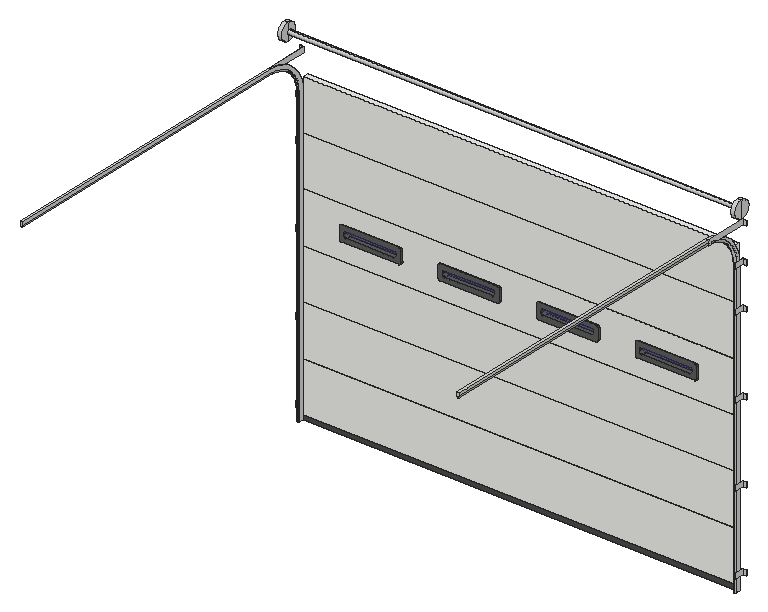
Revit family "Overhead-Sect_HAAS_Com_2000", category Doors, host Wall, Revit 2026
Family settings
  Host = Wall
  Classification Number = 23.30.10.17.37.14
  Always vertical = Yes
  Cut with Voids When Loaded = No
  Shared = No
  Room Calculation Point = No
Parameters
  rearspring = no
  Warranty Duration (Years) = 0
  Viewport Frame Finish [instance] = Finish - Trim - HAAS - Black
  Unit Width [instance] = if(Wood Jamb, Opening Width, Opening Width + 0' 2")  # 14' - 0"
  Wood Jamb [instance] = yes
  URL = "http://www.haasdoor.com/about/index.html"
  U Value = 0
  Type Comments = ""
  Track_High Lift_CHECK WITH HAAS FOR VALUE [instance] = 0' - 7"
  Track [instance] = Steel
  Thickness = 0' - 0"  # constant formula
  Test Data = ""
  Steel Jamb [instance] = not(Wood Jamb)  # no
  Standards Conformance = "as Specified"
  Specification = ""
  SpecWizard = ""
  Send Message = ""
  Sales Information = "http://www.haasdoor.com/locator/index.php"
  Rough Width = 0' - 0"  # constant formula
  Rough Height = 0' - 0"  # constant formula
  Roof Incline Default = 0.00°
  Revision = "R1_2015-11"
  Recycled Content [instance] = "as Specified"
  R-Value = 13.45
  Product Properties = ""
  Product Data = "http://www.arcat.com/arcatcos/cos32/arc32915.html"
  Panel Width [instance] = 14' - 0"
  Panel Thickness = 0' - 2"
  Panel Material_Interior [instance] = Metal - Steel - HAAS - Polar White V-Groove
  Panel Material_Inset Panel [instance] = Metal - Steel - HAAS - Polar White
  Panel Material_Exterior [instance] = Metal - Steel - HAAS - Polar White
  Panel Height [instance] = if(1 = 1, Opening Height, 0' 0")  # 10' - 0"
  Overhead Sectional Style [instance] = Door_Overhead-Sectional-Panel_Haas_No-Inset-Panels : Design B
  Operation = "Overhead Sectional"
  Opening Width [instance] = 14' - 0"
  Opening Height [instance] = 10' - 0"
  Track Type [instance] = Tracks_Standard-Lift : Tracks_Standard-Lift
  Model = ""
  Max Width = 0' - 0"
  Max Height = 0' - 0"
  Manufacturer Website = "http://www.haasdoor.com/about/index.html"
  Manufacturer Phone - Toll Free = ""
  Manufacturer Phone = "419-337-9900"
  Manufacturer Fax = "800-874-4227"
  Manufacturer Address = "320 Sycamore Rd. Wauseon, OH 43567"
  Manufacturer = "Haas Door Co."
  Maintenance Schedule (Months) = 0
  Keynote = "08360"
  Interior Skin = "as Specified"
  Installation-Fabrication = ""
  Installation Phase = ""
  Green Building-LEED = ""
  Viewport Glazing [instance] = Glass
  Function = 1
  Height = 0' - 0"  # constant formula
  Wall Closure = (empty or 0)
  Width = 0' - 0"  # constant formula
  Fire Rating = ""
  Exterior Skin = "as Specified"
  Expected Lifespan (Years) = 0
  End Stile Type = "as Specified"
  Drawn By = "Sumex Design, Inc."
  Description = "Haas Commercial Overhead Sectional Door - 2000 Series"
  Cost = 0
  Copyright = "©Arcat Inc."  # constant formula
  Construction Type = ""
  Construction Details = ""
  Building Codes = ""
  Bottom Seal Color [instance] = Finish - Weather Seal - HAAS - Black
  Assembly Code = "B2030410"
  AAMA Designation = "as Specified"
  3in Track [instance] = not([2in Track])  # no
  2in Track [instance] = yes
Reference planes (in)
  plane 1 "Center (Front/Back)": y = 0
  plane 2 "Center (Left/Right)": x = 0
  plane 3 "Left": x = -84
  plane 4 "Right": x = 84
  plane 5 "Top": z = 120
  plane 6 "Exterior": y = 3
  plane 7 "Interior": y = -3
  plane 8: z = 2
  plane 9 "Back of Panel": y = -5
  plane 10: y = -4
  plane 11 "Track": y = -4.625
Lines and regions (in)
  Opening 1
    outline origin (-90, -3, 0) x (1, 0, 0) y (0, 0, 1)
      loop
        line (6, 0) -> (174, 0) -> (174, 120) -> (6, 120) -> (6, 0)
Text (in)
  text "Exterior" at (-74.96733, 27.31104, 0), in view "Ref. Level"
  text "Interior" at (-74.96733, -25.14366, 0), in view "Ref. Level"
  text "Exterior" at (0, 40.15149, 123.01588), in view "Right"
  text "Interior" at (0, -64.39139, 123.01588), in view "Right"
  text "Interior" at (0, -31.01599, 123.00693), in view "Left"
  text "Exterior" at (0, 54.57065, 123.00693), in view "Left"
Dimensions and locks (in)
  equal spacing: plane 3 "Left", plane 2 "Center (Left/Right)", plane 4 "Right"
  "Opening Height": level to plane 5 "Top"
  "Opening Width": plane 3 "Left" to plane 4 "Right"
  plane 8 to level = 0' - 2"
  plane 3 "Left" to plane 4 "Right" = 14' - 0"
  "Panel Thickness": plane 9 "Back of Panel" to plane 7 "Interior"
  equal spacing: plane 9 "Back of Panel", plane 10, plane 7 "Interior"
  locked: plane 11 "Track" to plane 7 "Interior" at 1.625
  aligned and locked: plane 3 "Left" to Opening 1 sketch curve
  aligned and locked: plane 5 "Top" to Opening 1 sketch curve
  aligned and locked: Opening 1 sketch curve to plane 5 "Top"
  aligned and locked: Opening 1 sketch curve to plane 4 "Right"
  aligned and locked: Opening 1 sketch curve to level
  aligned and locked: plane 6 "Exterior" to host wall
  aligned and locked: plane 7 "Interior" to host wall
  aligned and locked: nested 1 to plane 2 "Center (Left/Right)"
  aligned and locked: level to nested 1
  aligned and locked: nested 1 to plane 11 "Track"
  aligned and locked: nested 2 to plane 2 "Center (Left/Right)"
  aligned and locked: plane 10 to nested 2
Nested families (in)
  nested 1: "Tracks_Standard-Lift" at (0, -5.625, 0), Unit Width <- "Unit Width", Opening Height <- "Opening Height", Track <- "Track", Wood Jamb <- "Wood Jamb", 2in Track <- "2in Track", type <- "Track Type", High Lift Height <- "Track_High Lift_CHECK WITH HAAS FOR VALUE", Door Height <- "Panel Height", Rear Mount Spring <- "rearspring", Roof Incline <- "Roof Incline Default", type "Tracks_Standard-Lift"
    with trackradinsetv 0' - 0", trackradinseth 0' - 0", sideroomint 0' - 1 5/8", roofpitchheight 0' - 0", offsettrackradv 1' - 2.73821", offsettrackradh 1' - 2.99772", offset 0' - 0", highliftcalc 0' - 8", breakoutrun 1, breakoutrise 12, breakawaylength 0' - 0", breakaway angle 1.00°, Wood Jamb yes, Unit Width 14' - 0", Unit Depth 0' - 2", Track Radius 1' - 3", Track Offset from Door Edge 0' - 0 1/2", Track Steel, Steel Jamb no, Standard Spring Location yes, Sideroom_Spring 0' - 3", Sideroom_Jambs 0' - 3", Roof Incline 0.00°, Rear Mount Spring no, Opening Width 14' - 0", Opening Height 10' - 0", High Lift Height 0' - 7", Headroom Clearance 1' - 7", Door Height 10' - 0", Breakaway Start 0' - 8", Back Depth 11' - 6", 3in Track no, 2in Track yes, 1 in 12 Breakout yes, 1 5 in 12 Breakout no
  nested 2: "Door_Overhead-Sectional-Panel_Haas_No-Inset-Panels" at (0, -4, 0) x (-1, 0, 0) z (0, 0, 1), Viewport Finish <- "Viewport Frame Finish", Panel Material_Interior <- "Panel Material_Interior", Panel Material_Inset Panel <- "Panel Material_Inset Panel", Panel Material_Exterior <- "Panel Material_Exterior", Viewport Glazing <- "Viewport Glazing", Bottom Seal Color <- "Bottom Seal Color", Panel Width <- "Panel Width", Panel Thickness <- "Panel Thickness", Panel Height <- "Panel Height", type <- "Overhead Sectional Style", type "Design B"
    with Viewport Glazing Glass, Viewport Finish Finish - Trim - HAAS - Black, Unit Width 14' - 0", Unit Height 1' - 7.66667", Panel Width 14' - 0", Panel Thickness 0' - 2", Panel Material_Interior Metal - Steel - HAAS - Polar White V-Groove, Panel Material_Inset Panel Metal - Steel - HAAS - Polar White, Panel Material_Exterior Metal - Steel - HAAS - Polar White, Panel Height 10' - 0", Panel 9 Vis no, Panel 9 Control 0' - 0", Panel 8 Vis no, Panel 8 Control 0' - 0", Panel 7 Vis no, Panel 7 Control 0' - 0", Panel 6 Vis yes, Panel 6 Control 1' - 7.66667", Panel 5 Vis yes, Panel 5 Control 1' - 7.66667", Panel 4 Vis yes, Panel 4 Control 1' - 7.66667", Panel 3 Vis yes, Panel 3 Control 1' - 7.66667", Panel 2 Vis yes, Panel 2 Control 1' - 7.66667", Panel 10 Vis no, Panel 10 Control 0' - 0", Panel 1 Vis yes, Bottom Seal Color Finish - Weather Seal - HAAS - Black
Definition of nested family "Tracks_Standard-Lift"
  Parameters
    trackradinsetv [instance] = Track Radius - (Track Radius * cos(Roof Incline))  # 0' - 0"
    trackradinseth [instance] = Track Radius * sin(Roof Incline)  # 0' - 0"
    sideroomint [instance] = if(Steel Jamb, 0' 3", 0' 1 5/8")  # 0' - 1 5/8"
    roofpitchheight [instance] = (Back Depth) * tan(Roof Incline)  # 0' - 0"
    offsettrackradv [instance] = Track Radius - (Track Radius * sin(breakaway angle))  # 1' - 2.73821"
    offsettrackradh [instance] = Track Radius * cos(breakaway angle)  # 1' - 2.99772"
    offset [instance] = 0' - 0"  # constant formula
    breakoutrun [instance] = if([1 in 12 Breakout], 1, 1.5)  # 1
    breakoutrise [instance] = 12  # constant formula
    breakawaylength [instance] = (Breakaway Start + High Lift Height - Track Radius) / tan(90.00° - breakaway angle)  # 0' - 0.26183"
    breakaway angle [instance] = 1.00°  # constant formula
    Wood Jamb [instance] = yes
    Unit Width [instance] = 8' - 0"
    Unit Depth [instance] = if([2in Track], 0' 2", if([3in Track], 0' 3", 0' 2"))  # 0' - 3"
    URL = ""
    Track Radius [instance] = 1' - 3"
    Track [instance] = none
    Steel Jamb [instance] = not(Wood Jamb)  # no
    Standard Spring Location [instance] = yes
    Specification = ""
    SpecWizard = ""
    Track Offset from Door Edge [instance] = 0' - 0 1/2"
    Sideroom_Spring [instance] = 0' - 3"  # constant formula
    Sideroom_Jambs [instance] = 0' - 3"  # constant formula
    Sales Information = ""
    Roof Incline [instance] = 0.00°
    Revision = ""
    Rear Mount Spring [instance] = yes
    Product Properties = ""
    Product Data = ""
    Opening Width [instance] = if(Wood Jamb, Unit Width, Unit Width - 0' 1")  # 8' - 0"
    Opening Height [instance] = 8' - 0"
    Model = "As Specified"
    Manufacturer = ""
    Keynote = ""
    Installation-Fabrication = ""
    highliftcalc [instance] = if(Headroom Clearance < 5' 4 3/256", Headroom Clearance - 0' 11", if(and(Headroom Clearance > 5' 4", Headroom Clearance < 11' 1 3/256"), Headroom Clearance - 1' 1", if(and(Headroom Clearance > 11' 1", Headroom Clearance < 15' 0 3/256"), Headroom Clearance - 1' 5", 1' 0")))  # 1' - 11"
    High Lift Height [instance] = 1' - 10"
    Headroom Clearance [instance] = High Lift Height + 1' 0"  # 2' - 10"
    Green Building-LEED = ""
    Drawn By = "Sumex Design, Inc. / Robert S. Weygant, CSI, CDT, SCIP"
    Door Height [instance] = 8' - 0"
    Description = ""
    Default Elevation = 0' - 0"  # constant formula
    Copyright = "©Arcat Inc."
    Construction Details = ""
    Breakaway Start [instance] = if([1 in 12 Breakout], 0' 8", if([1 5 in 12 Breakout], 1' 2", 1' 0"))  # 0' - 8"
    Back Depth [instance] = Door Height + 1' 6"  # 9' - 6"
    Assembly Code = ""
    3in Track [instance] = not([2in Track])  # yes
    2in Track [instance] = no
    1 in 12 Breakout [instance] = yes
    1 5 in 12 Breakout [instance] = not([1 in 12 Breakout])  # no
  Reference planes (in)
    plane 1 "Center (Front/Back)": y = 0
    plane 2 "Bottom": z = 0
    plane 3 "Center (Left/Right)": x = 0
    plane 4 "Front": y = -1.5
    plane 5 "Back": y = 1.5
    plane 6 "Left": x = -48
    plane 7 "Right": x = 48
    plane 8 "Top": z = 121
    plane 9: z = 96
    plane 10: x = -48
    plane 11: x = 48
    plane 12: z = 130
    plane 13: y = -110.875
    plane 14: y = -13.49772
    plane 15: z = 106.26179
    plane 16 "Origin": y = 3.125
    plane 17: z = 74
    plane 18: z = 51.33333
    plane 19: z = 28.66667
    plane 20: z = 6
    plane 21: z = 97.13089
    plane 22: x = 51
    plane 23: x = -51
    plane 24 "Drum CL": y = -1.875
    plane 25: z = 106
    plane 26: z = 118
    plane 27: y = -13.49772
    plane 28: z = 121
    plane 29: x = -49.625
    plane 30: x = 49.625
  Forms (in)
    Extrusion 1, solid, material <- "Track", visible <- "Wood Jamb"
      sketch origin (0, 0, 0) x (1, 0, 0) y (0, 1, 0)
        loop
          line (-49.5, -13.49772) -> (-49.5, 3.125) -> (-51, 3.125) -> (-51, 3) -> (-49.625, 3) -> (-49.625, -13.49772) -> (-49.5, -13.49772)
        loop
          line (49.5, -13.49772) -> (49.625, -13.49772) -> (49.625, 3) -> (51, 3) -> (51, 3.125) -> (49.5, 3.125) -> (49.5, -13.49772)
      from 0 to 121
    Extrusion 2, void
      sketch origin (0, 0, 0) x (0, 1, 0) y (0, 0, 1)
        loop
          line (-1.5, 5) -> (-1.5, 7) -> (3.125, 7) -> (3.125, 27.66667) -> (-1.5, 27.66667) -> (-1.5, 29.66667) -> (3.125, 29.66667) -> (3.125, 50.33333) -> (-1.5, 50.33333) -> (-1.5, 52.33333) -> (3.125, 52.33333) -> (3.125, 73) -> (-1.5, 73) -> (-1.5, 75) -> (3.125, 75) -> (3.125, 105.26179) -> (-1.5, 105.26179) -> (-1.5, 107.26179) -> (3.125, 107.26179) -> (3.125, 119) -> (-13.49772, 119) -> (-13.49772, 0) -> (3.125, 0) -> (3.125, 5) -> (-1.5, 5)
      from -51 to 51
    Extrusion 3, solid, material <- "Track", visible <- "Steel Jamb"
      sketch origin (0, 0, 0) x (1, 0, 0) y (0, 1, 0)
        loop
          line (-51, 3.125) -> (-51, -13.49772) -> (-50.875, -13.49772) -> (-50.875, 3) -> (-48.375, 3) -> (-48.375, 3.125) -> (-51, 3.125)
        loop
          line (51, 3.125) -> (48.375, 3.125) -> (48.375, 3) -> (50.875, 3) -> (50.875, -13.49772) -> (51, -13.49772) -> (51, 3.125)
      from 0 to 121
    Revolve 4, solid, material <- "Track"
      sketch origin (0, -1.875, 0) x (0, 0, -1) y (1, 0, 0)
        loop
          line (-130, -53) -> (-126.75, -53) -> (-126.75, 53) -> (-130, 53) -> (-130, 51.5) -> (-127.5, 51.5) -> (-127.5, -51.5) -> (-130, -51.5) -> (-130, -53)
        axis (-126.75, 53) -> (-126.75, -53)
      angle from 0 to 360
    Sweep 5, solid, material <- "Track"
      path origin (0, 0, 0) x (0, 1, 0) y (0, 0, 1)
        loop
          line (1.5, 0) -> (1.5, 106.26179)
          arc (1.5, 106.26179) -> (-2.98408, 116.69876) -> (-13.49772, 121) r 15
          line (-13.49772, 121) -> (-110.875, 121)
      profile origin (0, -62.18636, 121) x (0, 0, -1) y (1, 0, 0)
        loop
          line (2.62111, -48.5) -> (0, -48.5) -> (0, -49.5) -> (2.25, -49.5)
          arc (2.25, -49.5) -> (2.68414, -49.38263) -> (3, -49.0625) r 0.86161
          line (3, -49.0625) -> (3, -48.71875) -> (2.62111, -48.5)
    Sweep 6, solid, material <- "Track"
      path origin (0, 0, 0) x (0, 1, 0) y (0, 0, 1)
        loop
          line (1.5, 0) -> (1.5, 106.26179)
          arc (1.5, 106.26179) -> (-2.98408, 116.69876) -> (-13.49772, 121) r 15
          line (-13.49772, 121) -> (-110.875, 121)
      profile origin (0, -62.18636, 121) x (0, 0, -1) y (1, 0, 0)
        loop
          line (0, 49.5) -> (0, 48.5) -> (2.62111, 48.5) -> (3, 48.71875) -> (3, 49.0625)
          arc (3, 49.0625) -> (2.68414, 49.38263) -> (2.25, 49.5) r 0.86161
          line (2.25, 49.5) -> (0, 49.5)
  Cuts and joins
    Extrusion 2 cuts Extrusion 1
    Extrusion 2 cuts Extrusion 3
  Lines and regions (in)
    reference lines
      curve 1: arc (0, 0.25, 112.00003) -> (0, -5.28189, 118.54991) -> (0, -13.49772, 121) r 15
      curve 2: line (0, -13.49772, 121) -> (0, -110.875, 121)
  Text (in)
    text "OPENING" at (0, 24.81124, 52.10269), in view "Right"
    text "STANDARD LIFT" at (0, 24.81124, 118.55424), in view "Right"
  Dimensions and locks (in)
    equal spacing: plane 6 "Left", plane 3 "Center (Left/Right)", plane 7 "Right"
    "Unit Width": plane 6 "Left" to plane 7 "Right"
    equal spacing: plane 5 "Back", plane 1 "Center (Front/Back)", plane 4 "Front"
    "Unit Depth": plane 5 "Back" to plane 4 "Front"
    equal spacing: plane 10, plane 3 "Center (Left/Right)", plane 11
    "Opening Width": plane 10 to plane 11
    "Headroom Clearance": plane 12 to plane 9
    "Back Depth": plane 13 to plane 16 "Origin"
    "offsettrackradv": plane 8 "Top" to plane 15
    locked: plane 16 "Origin" to plane 5 "Back" at 1.625
    "Sideroom_Jambs": Extrusion 1 sketch curve to plane 10
    "Sideroom_Jambs": plane 11 to Extrusion 1 sketch curve
    locked: plane 20 to level at 6
    equal spacing: plane 17, plane 18, plane 19, plane 20
    Extrusion 2 sketch curve to plane 20 to Extrusion 2 sketch curve = 0' - 1" locked, 0' - 1" locked
    Extrusion 2 sketch curve to plane 19 to Extrusion 2 sketch curve = 0' - 1" locked, 0' - 1" locked
    Extrusion 2 sketch curve to plane 18 to Extrusion 2 sketch curve = 0' - 1" locked, 0' - 1" locked
    Extrusion 2 sketch curve to plane 17 to Extrusion 2 sketch curve = 0' - 1" locked, 0' - 1" locked
    Extrusion 2 sketch curve to plane 15 to Extrusion 2 sketch curve = 0' - 1" locked, 0' - 1" locked
    "Sideroom_Spring": plane 23 to plane 10
    "Sideroom_Spring": plane 11 to plane 22
    locked: Extrusion 3 sketch curve to plane 10 at 0.375
    locked: plane 11 to Extrusion 3 sketch curve at 0.375
    locked: plane 24 "Drum CL" to plane 16 "Origin" at 5
    locked: Revolve 4 sketch curve to plane 10 at 5
    locked: plane 11 to Revolve 4 sketch curve at 5
    locked: Revolve 4 sketch curve to Revolve 4 sketch curve at 1.5  (x2)
    locked: Revolve 4 sketch curve to Revolve 4 sketch curve at 0.75
    locked: Revolve 4 sketch curve to Revolve 4 sketch curve at 3.25  (x2)
    locked: Extrusion 1 sketch curve to Extrusion 1 sketch curve at 0.125
    "Opening Height": plane 9 to level
    "Track Radius": plane 8 "Top" to plane 25
    "High Lift Height": plane 26 to plane 9
    "Unit Depth": plane 8 "Top" to plane 26
    "offsettrackradh": plane 14 to plane 5 "Back"
    "trackradinseth": plane 14 to plane 27
    "trackradinsetv": plane 8 "Top" to plane 28
    "Unit Depth": Sweep 5 sketch curve to Sweep 5 sketch curve
    locked: plane 8 "Top" to Extrusion 2 sketch curve at 2
    "Unit Depth": Sweep 6 sketch curve to Sweep 6 sketch curve
    Extrusion 1 sketch curve to Extrusion 1 sketch curve to plane 10 = 0' - 0 1/8" locked, 0' - 1 1/2" locked
    equal spacing: Sweep 5 sketch curve, Sweep 5 sketch curve, Sweep 5 sketch curve, Sweep 5 sketch curve, plane 10
    equal spacing: plane 11, Sweep 6 sketch curve, Sweep 6 sketch curve, Sweep 6 sketch curve, Sweep 6 sketch curve
    "sideroomint": plane 29 to plane 10
    plane 29 to Sweep 5 sketch curve to Sweep 5 sketch curve to Sweep 5 sketch curve to Sweep 5 sketch curve = 0' - 0 1/8" locked, 0' - 0 7/16" locked, 0' - 0 11/32" locked, 0' - 0 7/32" locked
    "Sideroom_Jambs": Extrusion 3 sketch curve to plane 10
    locked: Extrusion 3 sketch curve to Extrusion 3 sketch curve at 0.125  (x2)
    "Sideroom_Jambs": plane 11 to Extrusion 3 sketch curve
    locked: plane 11 to Extrusion 1 sketch curve at 1.5
    "sideroomint": plane 11 to plane 30
    Sweep 6 sketch curve to Sweep 6 sketch curve to Sweep 6 sketch curve to Sweep 6 sketch curve to plane 30 = 0' - 0 7/32" locked, 0' - 0 11/32" locked, 0' - 0 7/16" locked, 0' - 0 1/8" locked
    locked: Revolve 4 sketch curve to plane 26 at 8.75
    locked: plane 9 to plane 17 at 22
    "Track Radius": radius of curve 1
    "Track Radius": radius of Sweep 6 sketch curve
    "Roof Incline": angle curve 2 to plane 28
    "Roof Incline": angle Sweep 5 sketch curve to plane 28
    "Roof Incline": angle Sweep 6 sketch curve to plane 28
    aligned and locked: plane 14 to Extrusion 1 sketch curve
    aligned and locked: Extrusion 1 sketch curve to plane 14
    aligned and locked: Extrusion 2 sketch curve to plane 14
    aligned and locked: Extrusion 2 sketch curve to plane 16 "Origin"
    aligned and locked: plane 4 "Front" to Extrusion 2 sketch curve  (x4)
    aligned and locked: Extrusion 2 sketch curve to plane 4 "Front"
    aligned and locked: plane 23 to Extrusion 2
    aligned and locked: Extrusion 2 to plane 22
    aligned and locked: Extrusion 3 sketch curve to plane 14
    aligned and locked: plane 14 to Extrusion 3 sketch curve
    aligned and locked: Revolve 4 sketch curve to Revolve 4 sketch curve
    aligned and locked: plane 27 to curve 1
    aligned and locked: plane 25 to curve 1
    aligned and locked: plane 14 to curve 1
    aligned and locked: plane 13 to curve 2
    aligned and locked: Sweep 5 sketch curve to curve 1
    aligned and locked: plane 13 to Sweep 5 sketch curve
    aligned and locked: plane 27 to Sweep 5 sketch curve
    aligned and locked: plane 8 "Top" to Extrusion 3
    aligned and locked: plane 8 "Top" to Extrusion 1
    aligned and locked: plane 13 to Sweep 6 sketch curve
    aligned and locked: plane 15 to Sweep 5 sketch curve
    aligned and locked: plane 27 to Sweep 6 sketch curve
    aligned and locked: plane 28 to Sweep 6 sketch curve
    aligned and locked: plane 15 to Sweep 6 sketch curve
    aligned and locked: plane 5 "Back" to Sweep 6 sketch curve
  Automatic sketch dimensions
    Extrusion 1 sketch curve to plane 16 "Origin" = 0' - 0"  (x2)
    Extrusion 1 sketch curve to plane 16 "Origin" = 0' - 0 1/8"  (x2)
    Extrusion 3 sketch curve to plane 16 "Origin" = 0' - 0"  (x2)
    Extrusion 3 sketch curve to plane 16 "Origin" = 0' - 0 1/8"  (x2)
    Revolve 4 sketch curve to Revolve 4 sketch curve = 0' - 0"
    Revolve 4 sketch curve to Revolve 4 sketch curve = 0' - 3"
    Sweep 5 sketch curve to level = 0' - 0"
    Sweep 5 sketch curve to profile plane = 0' - 0"
    Sweep 5 sketch curve to Sweep 5 sketch curve = 0' - 0.37111"
    Sweep 5 sketch curve to Sweep 5 sketch curve = 0' - 0.13839"
    Sweep 6 sketch curve to profile plane = 0' - 0"
    Sweep 6 sketch curve to Sweep 6 sketch curve = 0' - 0.37111"
    Sweep 6 sketch curve to Sweep 6 sketch curve = 0' - 0.13839"
    curve 1 to plane 1 "Center (Front/Back)" = 0' - 0 1/4"
    Sweep 6 sketch curve to level = 0' - 0"
    Extrusion 2 sketch curve to plane 16 "Origin" = 0' - 0"  (x5)
    Extrusion 2 sketch curve to level = 0' - 0"
Definition of nested family "Door_Overhead-Sectional-Panel_Haas_No-Inset-Panels"
  Parameters
    Width = 10' - 0"
    Viewport Finish [instance] = none
    Unit Width [instance] = Panel Width  # 10' - 0"
    Unit Height [instance] = if(Number Panels > 3, ((Panel Height - 0' 2") / Number Panels), ((Panel Height - 0' 2") / 4))  # 1' - 7.66667"
    Thickness = 0' - 3"
    Section Type_Row 10 = HAAS_Section_Flush : Standard
    Section Type_Row 9 = HAAS_Section_Flush : Standard
    Section Type_Row 8 = HAAS_Section_Flush : Standard
    Section Type_Row 7 = HAAS_Section_Flush : Standard
    Section Type_Row 6 = HAAS_Section_Flush : Standard
    Section Type_Row 5 = HAAS_Section_Flush : Standard
    Section Type_Row 4 = HAAS_Section_Flush : Standard
    Section Type_Row 3 = HAAS_Section_Flush : Standard
    Section Type_Row 2 = HAAS_Section_Flush : Standard
    Section Type_Row 1 = HAAS_Section_Flush : Standard
    Panel Width [instance] = 10' - 0"
    Panel Thickness [instance] = 0' - 3"
    Panel Material_Interior [instance] = none
    Panel Material_Inset Panel [instance] = none
    Panel Material_Exterior [instance] = none
    Panel Height [instance] = 10' - 0"
    Panel 9 Vis [instance] = Number Panels > 8  # no
    Panel 9 Control [instance] = if(Panel 9 Vis, Unit Height, 0' 0")  # 0' - 0"
    Panel 8 Vis [instance] = Number Panels > 7  # no
    Panel 8 Control [instance] = if(Panel 8 Vis, Unit Height, 0' 0")  # 0' - 0"
    Panel 7 Vis [instance] = Number Panels > 6  # no
    Panel 7 Control [instance] = if(Panel 7 Vis, Unit Height, 0' 0")  # 0' - 0"
    Panel 6 Vis [instance] = Number Panels > 5  # yes
    Panel 6 Control [instance] = if(Panel 6 Vis, Unit Height, 0' 0")  # 1' - 7.66667"
    Panel 5 Vis [instance] = Number Panels > 4  # yes
    Panel 5 Control [instance] = if(Panel 5 Vis, Unit Height, 0' 0")  # 1' - 7.66667"
    Panel 4 Vis [instance] = Number Panels > 3  # yes
    Panel 4 Control [instance] = if(Panel 4 Vis, Unit Height, 0' 0")  # 1' - 7.66667"
    Panel 3 Vis [instance] = Number Panels > 2  # yes
    Panel 3 Control [instance] = if(Panel 3 Vis, Unit Height, 0' 0")  # 1' - 7.66667"
    Panel 2 Vis [instance] = Number Panels > 1  # yes
    Panel 2 Control [instance] = if(Panel 2 Vis, Unit Height, 0' 0")  # 1' - 7.66667"
    Panel 10 Vis [instance] = Number Panels > 9  # no
    Panel 10 Control [instance] = if(Panel 10 Vis, Unit Height, 0' 0")  # 0' - 0"
    Panel 1 Vis [instance] = Number Panels > 0  # yes
    Number Panels = 6
    Viewport Glazing [instance] = none
    Height = 8' - 0"
    End Stile Width_CONTACT HAAS FOR VALUE = 0' - 0"
    Default Elevation = 4' - 0"
    Bottom Seal Color [instance] = none
  Reference planes (in)
    plane 1 "Center (Front/Back)": y = 0
    plane 2: z = 0
    plane 3 "Center (Left/Right)": x = 0
    plane 4 "Left": x = -60
    plane 5 "Right": x = 60
    plane 6 "Back": y = 1.5
    plane 7 "Front": y = -1.5
    plane 8 "1T": z = 21.66667
    plane 9 "1B": z = 2
    plane 10: z = 41.33333
    plane 11 "2B": z = 21.66667
    plane 12: z = 61
    plane 13 "3B": z = 41.33333
    plane 14: z = 80.66667
    plane 15 "4B": z = 61
    plane 16: z = 100.33333
    plane 17 "5B": z = 80.66667
    plane 18: z = 120
    plane 19 "6B": z = 100.33333
    plane 20: z = 120
    plane 21 "7B": z = 100.33333
    plane 22: z = 120
    plane 23 "8B": z = 100.33333
    plane 24: z = 120
    plane 25 "9B": z = 100.33333
    plane 26: z = 120
    plane 27 "10B": z = 100.33333
  Forms (in)
    Extrusion 1, solid, material <- "Bottom Seal Color"
      sketch origin (0, 0, 0) x (0, 1, 0) y (0, 0, 1)
        loop
          line (-1.375, 2) -> (-1.375, 0) -> (1.375, 0) -> (1.375, 2) -> (-1.375, 2)
      from -60 to 60
  Dimensions and locks (in)
    equal spacing: plane 4 "Left", plane 3 "Center (Left/Right)", plane 5 "Right"
    "Panel Width": plane 4 "Left" to plane 5 "Right"
    equal spacing: plane 6 "Back", plane 1 "Center (Front/Back)", plane 7 "Front"
    "Panel Thickness": plane 6 "Back" to plane 7 "Front"
    "Unit Height": plane 8 "1T" to plane 9 "1B"
    "Unit Height": plane 10 to plane 11 "2B"
    "Unit Height": plane 12 to plane 13 "3B"
    "Unit Height": plane 14 to plane 15 "4B"
    "Unit Height": plane 16 to plane 17 "5B"
    "Unit Height": plane 18 to plane 19 "6B"
    "Unit Height": plane 20 to plane 21 "7B"
    "Unit Height": plane 22 to plane 23 "8B"
    "Unit Height": plane 24 to plane 25 "9B"
    "Unit Height": plane 26 to plane 27 "10B"
    locked: plane 9 "1B" to level at 2
    "Panel 2 Control": plane 11 "2B" to plane 9 "1B"
    "Panel 3 Control": plane 13 "3B" to plane 11 "2B"
    "Panel 4 Control": plane 15 "4B" to plane 13 "3B"
    "Panel 5 Control": plane 17 "5B" to plane 15 "4B"
    "Panel 6 Control": plane 19 "6B" to plane 17 "5B"
    "Panel 7 Control": plane 21 "7B" to plane 19 "6B"
    "Panel 8 Control": plane 23 "8B" to plane 21 "7B"
    "Panel 9 Control": plane 25 "9B" to plane 23 "8B"
    "Panel 10 Control": plane 27 "10B" to plane 25 "9B"
    locked: Extrusion 1 sketch curve to plane 6 "Back" at 0.125
    locked: plane 7 "Front" to Extrusion 1 sketch curve at 0.125
    aligned and locked: plane 2 to level
    aligned and locked: plane 3 "Center (Left/Right)" to nested 1
    aligned and locked: plane 3 "Center (Left/Right)" to nested 2
    aligned and locked: plane 3 "Center (Left/Right)" to nested 3
    aligned and locked: plane 3 "Center (Left/Right)" to nested 4
    aligned and locked: plane 3 "Center (Left/Right)" to nested 5
    aligned and locked: plane 3 "Center (Left/Right)" to nested 6
    aligned and locked: plane 3 "Center (Left/Right)" to nested 7
    aligned and locked: plane 3 "Center (Left/Right)" to nested 8
    aligned and locked: plane 3 "Center (Left/Right)" to nested 9
    aligned and locked: plane 3 "Center (Left/Right)" to nested 10
    aligned and locked: plane 1 "Center (Front/Back)" to nested 1
    aligned and locked: plane 1 "Center (Front/Back)" to nested 2
    aligned and locked: plane 1 "Center (Front/Back)" to nested 3
    aligned and locked: plane 1 "Center (Front/Back)" to nested 4
    aligned and locked: nested 5 to plane 1 "Center (Front/Back)"
    aligned and locked: nested 6 to plane 1 "Center (Front/Back)"
    aligned and locked: nested 7 to plane 1 "Center (Front/Back)"
    aligned and locked: nested 8 to plane 1 "Center (Front/Back)"
    aligned and locked: nested 9 to plane 1 "Center (Front/Back)"
    aligned and locked: nested 10 to plane 1 "Center (Front/Back)"
    aligned and locked: plane 5 "Right" to Extrusion 1
    aligned and locked: Extrusion 1 to plane 4 "Left"
  Automatic sketch dimensions
    Extrusion 1 sketch curve to level = 0' - 0"
    Extrusion 1 sketch curve to plane 9 "1B" = 0' - 0"
  Nested families (in)
    nested 1: "HAAS_Section_Flush" at (0, 0, 2), type <- "Section Type_Row 1", visible <- "Panel 1 Vis", Unit Width <- "Unit Width", Unit Height <- "Unit Height", Viewport Glazing <- "Viewport Glazing", Viewport Finish <- "Viewport Finish", Panel Material_Interior <- "Panel Material_Interior", Panel Material_Inset Panel <- "Panel Material_Inset Panel", Panel Material_Exterior <- "Panel Material_Exterior", Unit Depth <- "Panel Thickness", type "Standard"
      with Viewport Glazing none, Viewport Finish none, Unit Width 10' - 0", Unit Height 1' - 7.66667", Unit Depth 0' - 3", Panel Material_Interior none, Panel Material_Inset Panel none, Panel Material_Exterior none
    nested 2: "HAAS_Section_Flush" at (0, 0, 21.66667), type <- "Section Type_Row 2", visible <- "Panel 2 Vis", Unit Width <- "Unit Width", Unit Height <- "Unit Height", Viewport Glazing <- "Viewport Glazing", Viewport Finish <- "Viewport Finish", Panel Material_Interior <- "Panel Material_Interior", Panel Material_Inset Panel <- "Panel Material_Inset Panel", Panel Material_Exterior <- "Panel Material_Exterior", Unit Depth <- "Panel Thickness", type "Standard"
      with Viewport Glazing none, Viewport Finish none, Unit Width 10' - 0", Unit Height 1' - 7.66667", Unit Depth 0' - 3", Panel Material_Interior none, Panel Material_Inset Panel none, Panel Material_Exterior none
    nested 3: "HAAS_Section_Flush" at (0, 0, 41.33333), type <- "Section Type_Row 3", visible <- "Panel 3 Vis", Unit Width <- "Unit Width", Unit Height <- "Unit Height", Viewport Glazing <- "Viewport Glazing", Viewport Finish <- "Viewport Finish", Panel Material_Interior <- "Panel Material_Interior", Panel Material_Inset Panel <- "Panel Material_Inset Panel", Panel Material_Exterior <- "Panel Material_Exterior", Unit Depth <- "Panel Thickness", type "Standard"
      with Viewport Glazing none, Viewport Finish none, Unit Width 10' - 0", Unit Height 1' - 7.66667", Unit Depth 0' - 3", Panel Material_Interior none, Panel Material_Inset Panel none, Panel Material_Exterior none
    nested 4: "HAAS_Section_Flush" at (0, 0, 61), visible <- "Panel 4 Vis", Unit Width <- "Unit Width", Unit Height <- "Unit Height", Viewport Glazing <- "Viewport Glazing", Viewport Finish <- "Viewport Finish", Panel Material_Interior <- "Panel Material_Interior", Panel Material_Inset Panel <- "Panel Material_Inset Panel", Panel Material_Exterior <- "Panel Material_Exterior", type <- "Section Type_Row 4", Unit Depth <- "Panel Thickness", type "Standard"
      with Viewport Glazing none, Viewport Finish none, Unit Width 10' - 0", Unit Height 1' - 7.66667", Unit Depth 0' - 3", Panel Material_Interior none, Panel Material_Inset Panel none, Panel Material_Exterior none
    nested 5: "HAAS_Section_Flush" at (0, 0, 80.66667), type <- "Section Type_Row 5", visible <- "Panel 5 Vis", Unit Width <- "Unit Width", Unit Height <- "Unit Height", Viewport Glazing <- "Viewport Glazing", Viewport Finish <- "Viewport Finish", Panel Material_Interior <- "Panel Material_Interior", Panel Material_Inset Panel <- "Panel Material_Inset Panel", Panel Material_Exterior <- "Panel Material_Exterior", Unit Depth <- "Panel Thickness", type "Standard"
      with Viewport Glazing none, Viewport Finish none, Unit Width 10' - 0", Unit Height 1' - 7.66667", Unit Depth 0' - 3", Panel Material_Interior none, Panel Material_Inset Panel none, Panel Material_Exterior none
    nested 6: "HAAS_Section_Flush" at (0, 0, 100.33333), type <- "Section Type_Row 6", visible <- "Panel 6 Vis", Unit Width <- "Unit Width", Unit Height <- "Unit Height", Viewport Glazing <- "Viewport Glazing", Viewport Finish <- "Viewport Finish", Panel Material_Interior <- "Panel Material_Interior", Panel Material_Inset Panel <- "Panel Material_Inset Panel", Panel Material_Exterior <- "Panel Material_Exterior", Unit Depth <- "Panel Thickness", type "Standard"
      with Viewport Glazing none, Viewport Finish none, Unit Width 10' - 0", Unit Height 1' - 7.66667", Unit Depth 0' - 3", Panel Material_Interior none, Panel Material_Inset Panel none, Panel Material_Exterior none
    nested 7: "HAAS_Section_Flush" at (0, 0, 100.33333), type <- "Section Type_Row 7", visible <- "Panel 7 Vis", Unit Width <- "Unit Width", Unit Height <- "Unit Height", Viewport Glazing <- "Viewport Glazing", Viewport Finish <- "Viewport Finish", Panel Material_Interior <- "Panel Material_Interior", Panel Material_Inset Panel <- "Panel Material_Inset Panel", Panel Material_Exterior <- "Panel Material_Exterior", Unit Depth <- "Panel Thickness", type "Standard"
      with Viewport Glazing none, Viewport Finish none, Unit Width 10' - 0", Unit Height 1' - 7.66667", Unit Depth 0' - 3", Panel Material_Interior none, Panel Material_Inset Panel none, Panel Material_Exterior none
    nested 8: "HAAS_Section_Flush" at (0, 0, 100.33333), type <- "Section Type_Row 8", visible <- "Panel 8 Vis", Unit Width <- "Unit Width", Unit Height <- "Unit Height", Viewport Glazing <- "Viewport Glazing", Viewport Finish <- "Viewport Finish", Panel Material_Interior <- "Panel Material_Interior", Panel Material_Inset Panel <- "Panel Material_Inset Panel", Panel Material_Exterior <- "Panel Material_Exterior", Unit Depth <- "Panel Thickness", type "Standard"
      with Viewport Glazing none, Viewport Finish none, Unit Width 10' - 0", Unit Height 1' - 7.66667", Unit Depth 0' - 3", Panel Material_Interior none, Panel Material_Inset Panel none, Panel Material_Exterior none
    nested 9: "HAAS_Section_Flush" at (0, 0, 100.33333), type <- "Section Type_Row 9", visible <- "Panel 9 Vis", Unit Width <- "Unit Width", Unit Height <- "Unit Height", Viewport Glazing <- "Viewport Glazing", Viewport Finish <- "Viewport Finish", Panel Material_Interior <- "Panel Material_Interior", Panel Material_Inset Panel <- "Panel Material_Inset Panel", Panel Material_Exterior <- "Panel Material_Exterior", Unit Depth <- "Panel Thickness", type "Standard"
      with Viewport Glazing none, Viewport Finish none, Unit Width 10' - 0", Unit Height 1' - 7.66667", Unit Depth 0' - 3", Panel Material_Interior none, Panel Material_Inset Panel none, Panel Material_Exterior none
    nested 10: "HAAS_Section_Flush" at (0, 0, 100.33333), type <- "Section Type_Row 10", visible <- "Panel 10 Vis", Unit Width <- "Unit Width", Unit Height <- "Unit Height", Viewport Glazing <- "Viewport Glazing", Viewport Finish <- "Viewport Finish", Panel Material_Interior <- "Panel Material_Interior", Panel Material_Inset Panel <- "Panel Material_Inset Panel", Panel Material_Exterior <- "Panel Material_Exterior", Unit Depth <- "Panel Thickness", type "Standard"
      with Viewport Glazing none, Viewport Finish none, Unit Width 10' - 0", Unit Height 1' - 7.66667", Unit Depth 0' - 3", Panel Material_Interior none, Panel Material_Inset Panel none, Panel Material_Exterior none
  Definition of nested family "HAAS_Section_Flush"
    Parameters
      Viewport Glazing [instance] = none
      Viewport Finish [instance] = none
      Unit Width [instance] = 10' - 0"
      Unit Height [instance] = 1' - 3.66667"
      Unit Depth [instance] = 0' - 3"
      Panel Material_Interior [instance] = none
      Panel Material_Inset Panel [instance] = none
      Panel Material_Exterior [instance] = none
      Default Elevation = 4' - 0"
    Reference planes (in)
      plane 1 "Center (Front/Back)": y = 0
      plane 2: z = 0
      plane 3 "Center (Left/Right)": x = 0
      plane 4 "Left": x = -60
      plane 5 "Right": x = 60
      plane 6 "Center (Elevation)": z = 7.83333
      plane 7: z = 15.66667
      plane 8 "Back": y = 1.5
      plane 9 "Front": y = -1.5
    Forms (in)
      Extrusion 1, solid, material <- "Panel Material_Exterior"
        sketch origin (0, 0, 0) x (1, 0, 0) y (0, 0, 1)
          loop
            line (-60, 15.66667) -> (-60, 0) -> (60, 0) -> (60, 15.66667) -> (-60, 15.66667)
        from -1.5 to 1.5
    Dimensions and locks (in)
      equal spacing: plane 4 "Left", plane 3 "Center (Left/Right)", plane 5 "Right"
      "Unit Width": plane 4 "Left" to plane 5 "Right"
      equal spacing: plane 7, plane 6 "Center (Elevation)", level
      "Unit Height": plane 7 to level
      equal spacing: plane 8 "Back", plane 1 "Center (Front/Back)", plane 9 "Front"
      "Unit Depth": plane 8 "Back" to plane 9 "Front"
      aligned and locked: plane 2 to level
      aligned and locked: plane 7 to Extrusion 1
      aligned and locked: plane 5 "Right" to Extrusion 1
      aligned and locked: Extrusion 1 to level
      aligned and locked: Extrusion 1 to plane 4 "Left"
      aligned and locked: plane 8 "Back" to Extrusion 1
      aligned and locked: Extrusion 1 to plane 9 "Front"
    Automatic sketch dimensions
      level to Extrusion 1 sketch curve = 0' - 0"
      plane 4 "Left" to Extrusion 1 sketch curve = 0' - 0"
      Extrusion 1 sketch curve to plane 5 "Right" = 0' - 0"
      Extrusion 1 sketch curve to plane 7 = 0' - 0"
